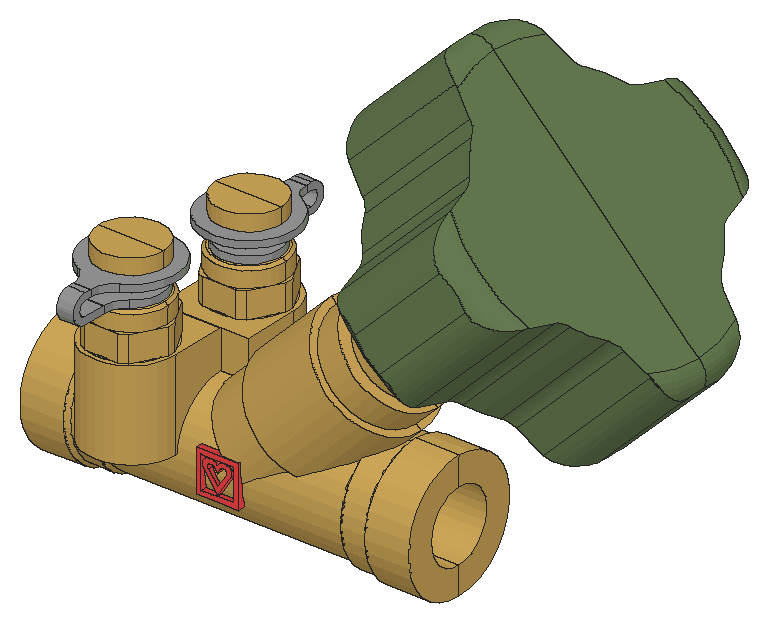
Revit family "Strangregulierventil mit Messblende für Trinkwasseranlagen 4017 MW (LF-MF)", category Rohrzubehör, Revit 2021
Family settings
  Bemaßung runder Anschluss = Durchmesser verwenden
  Teiletyp = Unterbricht
  OmniClass-Nummer = 23.65.55.14
  OmniClass-Titel = Valves for Liquid Services
  Arbeitsebenenbasiert = Nein
  Immer vertikal = Ja
  Beim Laden mit Abzugskörper schneiden = Nein
  Gemeinsam genutzt = Nein
Parameters (values of type "LF")
  kvs-Werte [instance] = if(and(Nennweite = 15.000 mm, LF), 0.46, if(and(Nennweite = 15.000 mm, MF), 0.88, 0))  # 0.46
  kv-Wert der Blende [instance] = if(and(Nennweite = 15.000 mm, LF), 0.48, if(and(Nennweite = 15.000 mm, MF), 0.97, 0))  # 0.48
  W01 = 45.00°  # constant formula
  Vorgabe-Ansicht = 0.000 mm
  URL = "www.herz-armaturen.at"
  SW01 = 60.00°  # constant formula
  SCRNSEQ = "FW;SBT_TYP_FW=\"109\";2"
  SCRNCODE = "04;00;02"  # constant formula
  S03 = 60.000 mm  # constant formula
  S02 [instance] = L04 + L06 + L07  # 76.800 mm
  S01 [instance] = D01 * 2  # 27.000 mm
  R03 = 21.500 mm  # constant formula
  R02 = 9.500 mm  # constant formula
  R01 = 12.000 mm  # constant formula
  O-Ringe = "EPDM"  # constant formula
  Medium = "Trinkwasser"  # constant formula
  MF = no
  LF = yes
  L10 [instance] = 28.500 mm  # constant formula
  L09 [instance] = 22.500 mm  # constant formula
  L08 [instance] = 12.700 mm  # constant formula
  L07 [instance] = 35.100 mm  # constant formula
  L06 [instance] = 6.500 mm  # constant formula
  L05 [instance] = 20.200 mm  # constant formula
  L04 [instance] = 35.200 mm  # constant formula
  L03 [instance] = 1.000 mm  # constant formula
  Hinweis = "Gemäß Art 33 der REACH-Verordnung (EG Nr. 1907/2006) sind wir verpflichtet, darauf hinzuweisen, dass der Stoff Blei auf der SVHC-Liste geführt wird und dass alle aus Messing bestehenden Bauteile, die in unseren Erzeugnissen verarbeitet sind, mehr als 0,1 % (w/w) Blei (CAS: 7439-92-1 / EINECS: 231-100-4) enthalten.\r\nDa Blei als Legierungsbestandteil fest gebunden ist, sind keine Expositionen zu erwarten und daher sind keine zusätzlichen Angaben zur sicheren Verwendung notwendig."
  Handrad = "Kunststoff, grün"  # constant formula
  H03 [instance] = H01 - 19.000 mm  # 1.000 mm
  H02 = 13.000 mm  # constant formula
  Gehäuse = "entzinkungsbeständiges Messing (DZR)"  # constant formula
  E01 [instance] = L00 / -2  # -41.500 mm
  E00 = 0.000 mm  # constant formula
  D09 [instance] = 11.750 mm  # constant formula
  D08 [instance] = 9.500 mm  # constant formula
  D07 [instance] = 12.000 mm  # constant formula
  D06 [instance] = 13.500 mm  # constant formula
  D05 [instance] = 12.500 mm  # constant formula
  D04 [instance] = Nennweite / 2  # 7.500 mm
  IG [instance] = Nennweite / 2  # 7.500 mm
  D03 [instance] = 11.900 mm  # constant formula
  D02 [instance] = 12.700 mm  # constant formula
  D01 [instance] = 13.500 mm  # constant formula
  Nennweite [instance] = 15.000 mm  # constant formula
  Max. Differenzdruck bei geschlossenen Sitz = 1000000.0 Pa  # constant formula
  Max. Betriebstemperatur bei 10 bar = 85 °C  # constant formula
  Max. Betriebsdruck bei 20°C = 2000000.0 Pa  # constant formula
  L02 [instance] = 5.000 mm  # constant formula
  L01 [instance] = 9.250 mm  # constant formula
  L00 [instance] = 83.000 mm  # constant formula
  Hersteller = "HERZ Armaturen Ges.m.b.H."  # constant formula
  H01 [instance] = 20.000 mm  # constant formula
  GT [instance] = 13.200 mm  # constant formula
  DN15 [instance] = Nennweite = 15.000 mm  # yes
  Bestellnummer [instance] = if(and(Nennweite = 15.000 mm, LF), 2401700, if(and(Nennweite = 15.000 mm, MF), 2401709, 0))  # 2401700
  Ausführung = "Nach Norm BS 7350 PN20 Serie B\r\nSchrägsitzregulierventil aus Kupferlegierung.\r\nAlle wasserberührten Metallteile sind aus entzinkungsbeständiger Kupferlegierung hergestellt.\r\nDie Oberteile sind mit nichtsteigender Spindel ausgestattet."
  Anwendungsgebiet = "Zum Absperren und Regulieren von Trinkwasseranlagen in Gebäuden bzw. zum hydraulischen Abgleich von Versorgungsleitungen."
Types (3, lengths in mm): name | kvs-Werte | kv-Wert der Blende | MF | LF | Bestellnummer
  (no name) | 0.46 | 0.48 | no | yes | 2401700
  LF | 0.46 | 0.48 | no | yes | 2401700
  MF | 0.88 | 0.97 | yes | no | 2401709
Reference planes
  plane 1 "Mitte (Vorne/hinten)": y = 0
  plane 2: z = 0
  plane 3 "Mitte (Links/rechts)": x = 0
Forms (mm)
  Revolve 1, solid, material "Messing, weicher Gelbton, geschweißt", detail levels fine
    sketch origin (470, 0, 0) x (1, 0, 0) y (0, 0, 1)
      loop
        line (-511.5, 7.5) -> (-498.3, 7.5) -> (-498.3, 0) -> (-441.7, 0) -> (-441.7, 7.5) -> (-428.5, 7.5) -> (-428.5, 13.5) -> (-437.75, 13.5) -> (-438.55, 12.7) -> (-443.55, 12.7) -> (-444.35, 11.9) -> (-495.65, 11.9) -> (-496.45, 12.7) -> (-501.45, 12.7) -> (-502.25, 13.5) -> (-511.5, 13.5) -> (-511.5, 7.5)
      axis (-511.5, 0) -> (-428.5, 0)
    angle from 0 to 360
  Revolve 2, solid, material "Messing, weicher Gelbton, geschweißt", detail levels fine
    sketch origin (0.32, 0, -0.105) x (1, 0, 0) y (0, 0, 1)
      loop
        line (-1.32, 0.105) -> (52.986, 54.411) -> (44.677, 62.719) -> (35.697, 53.739) -> (37.288, 52.148) -> (21.449, 36.309) -> (19.681, 38.076) -> (15.085, 33.48) -> (14.024, 34.541) -> (-0.259, 20.257) -> (0.448, 19.55) -> (-7.098, 12.005) -> (-6.623, 5.408) -> (-1.32, 0.105)
      axis (-1.32, 0.105) -> (52.986, 54.411)
    angle from 0 to 360
  Extrusion 3, solid, material "Messing, weicher Gelbton, geschweißt", detail levels fine
    sketch origin (0, 0, 0) x (1, 0, 0) y (0, 1, 0)
      loop
        arc (-28.5, -12) -> (-19, -21.5) -> (-9.5, -12) r 9.5
        line (-9.5, -12) -> (-9.5, 0) -> (-28.5, 0) -> (-28.5, -12)
    from 1 <- "H03" to 20 <- "H01"
  Extrusion 4, solid, material "Messing, weicher Gelbton, geschweißt", detail levels fine
    sketch origin (0, 0, 0) x (1, 0, 0) y (0, 1, 0)
      loop
        line (-22.5, 12) -> (-22.5, 0) -> (-3.5, 0) -> (-3.5, 12)
        arc (-3.5, 12) -> (-13, 21.5) -> (-22.5, 12) r 9.5
    from 0 to 20 <- "H01"
Lines and regions (mm)
  model lines, detail levels coarse+medium
    curve 1: line (-41.5, 0, 13.5) -> (-41.5, 0, -13.5)
    curve 2: line (-41.5, 0, -13.5) -> (41.5, 0, 13.5)
    curve 3: line (41.5, 0, 13.5) -> (41.5, 0, -13.5)
    curve 4: line (41.5, 0, -13.5) -> (-41.5, 0, 13.5)
    curve 5: line (0, 0, 0) -> (38.4, 0, 66.511)
    curve 6: line (12.419, 0, 81.511) -> (64.381, 0, 51.511)
    curve 7: line (-41.5, -13.5, 0) -> (-41.5, 13.5, 0)
    curve 8: line (-41.5, 13.5, 0) -> (41.5, -13.5, 0)
    curve 9: line (41.5, -13.5, 0) -> (41.5, 13.5, 0)
    curve 10: line (41.5, 13.5, 0) -> (-41.5, -13.5, 0)
    curve 11: line (0, 0, 0) -> (38.4, 66.511, 0)
    curve 12: line (12.419, 81.511, 0) -> (64.381, 51.511, 0)
Dimensions and locks
  "L00": Revolve 1 sketch curve to Revolve 1 sketch curve
  equal spacing: Revolve 1 sketch curve, plane 3 "Mitte (Links/rechts)", Revolve 1 sketch curve
  "D01": Revolve 1 sketch curve to Revolve 1 sketch curve  (x2)
  "GT": Revolve 1 sketch curve to Revolve 1 sketch curve  (x2)
  "D06": Revolve 2 sketch curve to Revolve 2 sketch curve
  "D07": Revolve 2 sketch curve to Revolve 2 sketch curve
  "D08": Revolve 2 sketch curve to Revolve 2 sketch curve
  "D09": Revolve 2 sketch curve to Revolve 2 sketch curve
  equal spacing: curve 1, plane 3 "Mitte (Links/rechts)", curve 3
  "L00": curve 1 to curve 3
  equal spacing: curve 4, plane 2, curve 2
  "S01": curve 4 to curve 1
  "S01": curve 3 to curve 4
  equal spacing: curve 3, plane 2, curve 4
  "S02": curve 5 to curve 5
  equal spacing: curve 6, curve 5, curve 6
  "S03": curve 6 to curve 6
  equal spacing: curve 7, plane 3 "Mitte (Links/rechts)", curve 9
  "L00": curve 7 to curve 9
  equal spacing: curve 10, plane 1 "Mitte (Vorne/hinten)", curve 8
  "S01": curve 8 to curve 10
  equal spacing: curve 9, plane 1 "Mitte (Vorne/hinten)", curve 10
  "S01": curve 10 to curve 9
  "S02": curve 11 to curve 11
  equal spacing: curve 12, curve 11, curve 12
  "S03": curve 12 to curve 12
  "L01": Revolve 1 sketch curve to Revolve 1 sketch curve  (x2)
  "D02": Revolve 1 sketch curve to plane 2  (x2)
  "D03": Revolve 1 sketch curve to plane 2
  "IG": Revolve 1 sketch curve to plane 2  (x2)
  "L02": Revolve 1 sketch curve to Revolve 1 sketch curve  (x2)
  "L04": Revolve 2 sketch curve to Revolve 2 sketch curve
  "L05": Revolve 2 sketch curve to Revolve 2 sketch curve
  "D03": Revolve 2 sketch curve to plane 2
  "L06": Revolve 2 sketch curve to Revolve 2 sketch curve
  "L08": Revolve 2 sketch curve to Revolve 2 sketch curve
  "L07": Revolve 2 sketch curve to Revolve 2 sketch curve
  "D04": Revolve 2 sketch curve to Revolve 2 sketch curve
  "D05": Revolve 2 sketch curve to Revolve 2 sketch curve
  "L03": plane 3 "Mitte (Links/rechts)" to Revolve 2 sketch curve  (x2)
  "D03": nested 1 to plane 1 "Mitte (Vorne/hinten)"
  "L09": Revolve 1 to Extrusion 3 sketch curve
  "R01": Extrusion 3 sketch curve to plane 1 "Mitte (Vorne/hinten)"
  "R01": plane 1 "Mitte (Vorne/hinten)" to Extrusion 4 sketch curve
  "L10": Revolve 1 to Extrusion 4 sketch curve
  "H01": nested 3 to plane 2
  "H01": nested 2 to plane 2
  "R01": nested 3 to plane 1 "Mitte (Vorne/hinten)"
  "R01": plane 1 "Mitte (Vorne/hinten)" to nested 2
  "L10": Revolve 1 to nested 2
  "L09": Revolve 1 to nested 3
  "R02": radius of Extrusion 3 sketch curve
  "R02": radius of Extrusion 4 sketch curve
  "W01": angle level to Revolve 2 sketch curve
  "SW01": angle plane 2 to curve 5
  "SW01": angle plane 1 "Mitte (Vorne/hinten)" to curve 11
  "W01": angle Revolve 1 sketch curve to Revolve 1 sketch curve  (x4)
  "W01": angle plane 2 to Revolve 2 sketch curve
  aligned and locked: level to plane 2
Automatic sketch dimensions
  curve 5 to level = 0.000 mm
  plane 1 "Mitte (Vorne/hinten)" to curve 11 = 0.000 mm
  Revolve 1 sketch curve to level = 0.000 mm  (x2)
  Revolve 1 sketch curve to Revolve 1 sketch curve = 791.990 mm
  Revolve 1 sketch curve to Revolve 1 sketch curve = 2278.983 mm
  Revolve 2 sketch curve to level = 0.000 mm  (x2)
  plane 1 "Mitte (Vorne/hinten)" to Extrusion 3 sketch curve = 0.000 mm
  plane 1 "Mitte (Vorne/hinten)" to Extrusion 4 sketch curve = 0.000 mm
Nested families
  nested 1: "Herz-Logo-vorne" at (0, -11.9, 0) x (0, 1, 0) z (0, 0, 1), type "Herz-Logo-vorne", detail levels fine
  nested 2: "Messstutzen_Band_Austritt_senkrecht_(oben)" at (-13, 12, 2.5), type "Messstutzen_Band_Austritt_senkrecht_(oben)"
    with Schutzkappe yes, Nennweite 0.000 mm, Gewicht 0.00 kg, Bestellnummer 0
  nested 3: "Messstutzen_Band_Eintritt_senkrecht_(oben)" at (-19, -12, 2.5) x (-1, 0, 0) z (0, 0, 1), type "Messstutzen_Band_Eintritt_senkrecht_(oben)"
    with Schutzkappe yes, Nennweite 0.000 mm, Gewicht 0.00 kg, Bestellnummer 0
  nested 4: "Strangregulierventil-Handrad (Grün) DN15-DN32" at (53.306, 0, 54.306), visible <- "DN15", type "Strangregulierventil-Handrad (Grün) DN15-DN32"
    with Nennweite 0.000 mm, Gewicht 0.00 kg, Bestellnummer 0
Connectors
  piping at (-28.3, 0, 0), diameter 15, driven by "Nennweite"
    settings: on Revolve 1, index 1, connector inside diameter 609.6 mm, connector length 0.000 mm, flow factor 0, pipe flow 0.0 L/s, pressure drop 0.0 Pa, fitting loss kfactor 0, connector angle 0.00°, fixture units 0, engagement length 0.000 mm, angle of deflection 0.00°, flow configuration 0, flow direction 1, fitting loss method 0, system type 29, joint type 0, gender type 0, connector reference index -1, connector utility 0, adjustable connector no, is connector primary yes, connector description ""
  piping at (28.3, 0, 0), diameter 15, driven by "Nennweite"
    settings: on Revolve 1, index 2, connector inside diameter 609.6 mm, connector length 0.000 mm, flow factor 0, pipe flow 0.0 L/s, pressure drop 0.0 Pa, fitting loss kfactor 0, connector angle 0.00°, fixture units 0, engagement length 0.000 mm, angle of deflection 0.00°, flow configuration 0, flow direction 2, fitting loss method 0, system type 29, joint type 0, gender type 0, connector reference index -1, connector utility 0, adjustable connector no, is connector primary no, connector description ""
Definition of nested family "Herz-Logo-vorne"
  Parameters (values of type "Herz-Logo-vorne")
    Default Elevation = 0.000 mm
  Reference planes
    plane 1 "Mitte (Vorne/hinten)": y = 0
    plane 2: z = 0
    plane 3 "Mitte (Links/rechts)": x = 0
  Forms (mm)
    Extrusion 1, solid
      sketch origin (0.732, -0.018, 0.017) x (0, -1, 0) y (0, 0, 1)
        loop
          line (-0.018, -4.517) -> (4.482, -4.517) -> (4.482, 4.483) -> (-4.518, 4.483) -> (-4.518, -4.517) -> (-0.018, -4.517)
        loop
          line (-0.05, -3.48) -> (3.482, -3.48) -> (3.482, 3.483) -> (-3.518, 3.483) -> (-3.518, -3.48) -> (-0.05, -3.48)
        loop
          arc (-0.018, 2.383) -> (-1.543, 3.287) -> (-3.067, 2.383) r 1.738
          arc (-3.067, 2.383) -> (-3.191, 1.899) -> (-3.067, 1.415) r 1.009
          line (-3.067, 1.415) -> (-0.018, -3.281) -> (3.032, 1.415)
          arc (3.032, 1.415) -> (3.156, 1.899) -> (3.032, 2.383) r 1.009
          arc (3.032, 2.383) -> (1.507, 3.287) -> (-0.018, 2.383) r 1.738
        loop
          arc (1.885, 1.272) -> (2.005, 1.675) -> (1.885, 2.079) r 0.74
          arc (1.885, 2.079) -> (1.265, 2.416) -> (0.644, 2.079) r 0.74
          line (0.644, 2.079) -> (-0.018, 0.97) -> (-0.679, 2.079)
          arc (-0.679, 2.079) -> (-1.3, 2.416) -> (-1.921, 2.079) r 0.74
          arc (-1.921, 2.079) -> (-2.04, 1.675) -> (-1.921, 1.272) r 0.74
          line (-1.921, 1.272) -> (-0.018, -1.658) -> (1.885, 1.272)
      from 0 to 1.5
  Dimensions and locks
    aligned and locked: level to plane 2
Definition of nested family "Messstutzen_Band_Austritt_senkrecht_(oben)"
  Parameters (values of type "Messstutzen_Band_Austritt_senkrecht_(oben)")
    Default Elevation = 0.000 mm
    URL = "www.herz-armaturen.at"
    Schutzkappe [instance] = yes
    Nennweite [instance] = 0.000 mm
    Manufacturer = "Herz Armaturen GmbH"  # constant formula
    Gewicht [instance] = 0.00 kg
    Bestellnummer [instance] = 0
  Reference planes
    plane 1 "Mitte (Vorne/hinten)": y = 0
    plane 2: z = 0
    plane 3 "Mitte (Links/rechts)": x = 0
    plane 4 "Schlaufe 1": z = -27
    plane 5 "Schlaufe 2": z = -31.678
  Forms (mm)
    Revolve 1, solid, detail levels fine
      sketch origin (0, 0, 0) x (1, 0, 0) y (0, 0, 1)
        loop
          line (-7.4, 9) -> (-5.55, 9) -> (-5.55, 6)
          arc (-5.55, 6) -> (-5.626, 5.617) -> (-5.843, 5.293) r 1
          line (-5.843, 5.293) -> (-6.455, 4.681) -> (-6.455, 0.9) -> (-5.555, 0) -> (-2, 0) -> (-2, 17.5) -> (-8.4, 17.5)
          arc (-8.4, 17.5) -> (-7.693, 17.207) -> (-7.4, 16.5) r 1
          line (-7.4, 16.5) -> (-7.4, 9)
        loop
          line (-3.7, 27) -> (-7.3, 27) -> (-7.9, 26.4) -> (-7.9, 23) -> (-2, 23) -> (-2, 35.8) -> (-3.805, 35.8) -> (-4.415, 35.19) -> (-4.415, 30.863) -> (-3.7, 30.45) -> (-3.7, 27)
        axis (0, 0) -> (0, 35.8)
      angle from 0 to 360
    Extrusion 2, solid, detail levels fine
      sketch origin (0, 0, 17.5) x (0, 1, 0) y (-1, 0, 0)
        loop
          arc (-7.07, 5.156) -> (-7.578, 4.375) -> (-8, 3.544) r 8.75
          line (-8, 3.544) -> (-8, -3.544)
          arc (-8, -3.544) -> (-7.578, -4.375) -> (-7.07, -5.156) r 8.75
          line (-7.07, -5.156) -> (-0.93, -8.7)
          arc (-0.93, -8.7) -> (0, -8.75) -> (0.93, -8.7) r 8.75
          line (0.93, -8.7) -> (7.07, -5.156)
          arc (7.07, -5.156) -> (7.578, -4.375) -> (8, -3.544) r 8.75
          line (8, -3.544) -> (8, 3.544)
          arc (8, 3.544) -> (7.578, 4.375) -> (7.07, 5.156) r 8.75
          line (7.07, 5.156) -> (0.93, 8.7)
          arc (0.93, 8.7) -> (0, 8.75) -> (-0.93, 8.7) r 8.75
          line (-0.93, 8.7) -> (-7.07, 5.156)
      from 0 to 5.5
    Revolve 3, solid, visible <- "Schutzkappe", detail levels fine
      sketch origin (0, 0, 0) x (1, 0, 0) y (0, 0, 1)
        loop
          line (0, 35.878) -> (0, 36.678) -> (-7, 36.678) -> (-7, 33.378) -> (-6.1, 33.378) -> (-6.1, 31.678) -> (-6.9, 31.678) -> (-6.9, 30.178) -> (-4.415, 30.178) -> (-4.415, 35.268) -> (-3.805, 35.878) -> (0, 35.878)
        axis (0, 30.178) -> (0, 36.678)
      angle from 0 to 360
    Extrusion 4, solid, detail levels fine
      sketch origin (0, 0, 28.5) x (1, 0, 0) y (0, 1, 0)
        loop
          circle (0, 0) r 3.7
        loop
          arc (-3.906, 5.505) -> (0, -6.75) -> (3.906, 5.505) r 6.75
          arc (3.906, 5.505) -> (2.358, 7.288) -> (1.8, 9.582) r 5
          line (1.8, 9.582) -> (-1.8, 9.582)
          arc (-1.8, 9.582) -> (-2.358, 7.288) -> (-3.906, 5.505) r 5
      from 0 to -1.5
    Extrusion 5, solid, detail levels fine
      sketch origin (0, 0, 33.178) x (1, 0, 0) y (0, 1, 0)
        loop
          circle (0, 0) r 6.1
        loop
          arc (-4.495, 8.652) -> (0, -9.75) -> (4.495, 8.652) r 9.75
          arc (4.495, 8.652) -> (2.527, 10.493) -> (1.8, 13.089) r 5
          line (1.8, 13.089) -> (-1.8, 13.089)
          arc (-1.8, 13.089) -> (-2.527, 10.493) -> (-4.495, 8.652) r 5
      from 0 to -1.5
    Sweep 6, solid, detail levels fine
      path origin (0, 0, 0) x (0, 0, -1) y (0, -1, 0)
        loop
          line (-27.75, -9.582) -> (-27.75, -14.522)
          arc (-27.75, -14.522) -> (-30.089, -16.862) -> (-32.428, -14.522) r 2.339
          line (-32.428, -14.522) -> (-32.428, -13.089)
      profile origin (0, 12.052, 27.75) x (0, 0, 1) y (1, 0, 0)
        loop
          line (-0.75, -1.8) -> (0.75, -1.8) -> (0.75, 1.8) -> (-0.75, 1.8) -> (-0.75, -1.8)
  Dimensions and locks
    aligned and locked: level to plane 2
Definition of nested family "Messstutzen_Band_Eintritt_senkrecht_(oben)"
  Parameters (values of type "Messstutzen_Band_Eintritt_senkrecht_(oben)")
    Default Elevation = 0.000 mm
    URL = "www.herz-armaturen.at"
    Schutzkappe [instance] = yes
    Nennweite [instance] = 0.000 mm
    Manufacturer = "Herz Armaturen GmbH"  # constant formula
    Gewicht [instance] = 0.00 kg
    Bestellnummer [instance] = 0
  Reference planes
    plane 1 "Mitte (Vorne/hinten)": y = 0
    plane 2: z = 0
    plane 3 "Mitte (Links/rechts)": x = 0
    plane 4 "Schlaufe 1": z = -27
    plane 5 "Schlaufe 2": z = -31.678
  Forms (mm)
    Revolve 1, solid, detail levels fine
      sketch origin (0, 0, 0) x (1, 0, 0) y (0, 0, 1)
        loop
          line (-7.4, 9) -> (-5.55, 9) -> (-5.55, 6)
          arc (-5.55, 6) -> (-5.626, 5.617) -> (-5.843, 5.293) r 1
          line (-5.843, 5.293) -> (-6.455, 4.681) -> (-6.455, 0.9) -> (-5.555, 0) -> (-2, 0) -> (-2, 17.5) -> (-8.4, 17.5)
          arc (-8.4, 17.5) -> (-7.693, 17.207) -> (-7.4, 16.5) r 1
          line (-7.4, 16.5) -> (-7.4, 9)
        loop
          line (-3.7, 27) -> (-7.3, 27) -> (-7.9, 26.4) -> (-7.9, 23) -> (-2, 23) -> (-2, 35.8) -> (-3.805, 35.8) -> (-4.415, 35.19) -> (-4.415, 30.863) -> (-3.7, 30.45) -> (-3.7, 27)
        axis (0, 0) -> (0, 35.8)
      angle from 0 to 360
    Extrusion 2, solid, detail levels fine
      sketch origin (0, 0, 17.5) x (0, 1, 0) y (-1, 0, 0)
        loop
          arc (-7.07, 5.156) -> (-7.578, 4.375) -> (-8, 3.544) r 8.75
          line (-8, 3.544) -> (-8, -3.544)
          arc (-8, -3.544) -> (-7.578, -4.375) -> (-7.07, -5.156) r 8.75
          line (-7.07, -5.156) -> (-0.93, -8.7)
          arc (-0.93, -8.7) -> (0, -8.75) -> (0.93, -8.7) r 8.75
          line (0.93, -8.7) -> (7.07, -5.156)
          arc (7.07, -5.156) -> (7.578, -4.375) -> (8, -3.544) r 8.75
          line (8, -3.544) -> (8, 3.544)
          arc (8, 3.544) -> (7.578, 4.375) -> (7.07, 5.156) r 8.75
          line (7.07, 5.156) -> (0.93, 8.7)
          arc (0.93, 8.7) -> (0, 8.75) -> (-0.93, 8.7) r 8.75
          line (-0.93, 8.7) -> (-7.07, 5.156)
      from 0 to 5.5
    Revolve 3, solid, visible <- "Schutzkappe", detail levels fine
      sketch origin (0, 0, 0) x (1, 0, 0) y (0, 0, 1)
        loop
          line (0, 35.878) -> (0, 36.678) -> (-7, 36.678) -> (-7, 33.378) -> (-6.1, 33.378) -> (-6.1, 31.678) -> (-6.9, 31.678) -> (-6.9, 30.178) -> (-4.415, 30.178) -> (-4.415, 35.268) -> (-3.805, 35.878) -> (0, 35.878)
        axis (0, 30.178) -> (0, 36.678)
      angle from 0 to 360
    Extrusion 4, solid, detail levels fine
      sketch origin (0, 0, 28.5) x (1, 0, 0) y (0, 1, 0)
        loop
          circle (0, 0) r 3.7
        loop
          arc (-3.906, 5.505) -> (0, -6.75) -> (3.906, 5.505) r 6.75
          arc (3.906, 5.505) -> (2.358, 7.288) -> (1.8, 9.582) r 5
          line (1.8, 9.582) -> (-1.8, 9.582)
          arc (-1.8, 9.582) -> (-2.358, 7.288) -> (-3.906, 5.505) r 5
      from 0 to -1.5
    Extrusion 5, solid, detail levels fine
      sketch origin (0, 0, 33.178) x (1, 0, 0) y (0, 1, 0)
        loop
          circle (0, 0) r 6.1
        loop
          arc (-4.495, 8.652) -> (0, -9.75) -> (4.495, 8.652) r 9.75
          arc (4.495, 8.652) -> (2.527, 10.493) -> (1.8, 13.089) r 5
          line (1.8, 13.089) -> (-1.8, 13.089)
          arc (-1.8, 13.089) -> (-2.527, 10.493) -> (-4.495, 8.652) r 5
      from 0 to -1.5
    Sweep 6, solid, detail levels fine
      path origin (0, 0, 0) x (0, 0, -1) y (0, -1, 0)
        loop
          line (-27.75, -9.582) -> (-27.75, -14.522)
          arc (-27.75, -14.522) -> (-30.089, -16.862) -> (-32.428, -14.522) r 2.339
          line (-32.428, -14.522) -> (-32.428, -13.089)
      profile origin (0, 12.052, 27.75) x (0, 0, 1) y (1, 0, 0)
        loop
          line (-0.75, -1.8) -> (0.75, -1.8) -> (0.75, 1.8) -> (-0.75, 1.8) -> (-0.75, -1.8)
  Dimensions and locks
    aligned and locked: level to plane 2
Definition of nested family "Strangregulierventil-Handrad (Grün) DN15-DN32"
  Parameters (values of type "Strangregulierventil-Handrad (Grün) DN15-DN32")
    Default Elevation = 0.000 mm
    URL = "www.herz-armaturen.at"
    Nennweite [instance] = 0.000 mm
    Manufacturer = "Herz Armaturen GmbH"  # constant formula
    Gewicht [instance] = 0.00 kg
    Bestellnummer [instance] = 0
  Reference planes
    plane 1 "Mitte (Vorne/hinten)": y = 0
    plane 2: z = 0
    plane 3 "Mitte (Links/rechts)": x = 0
  Forms (mm)
    Revolve 1, solid, detail levels fine
      sketch origin (0, 0, 0) x (0.707107, 0, -0.707107) y (0.707107, 0, 0.707107)
        loop
          line (0, 0) -> (0, 24.95) -> (-30.992, 24.95)
          arc (-30.992, 24.95) -> (-34.37, 23.636) -> (-35.973, 20.386) r 5
          line (-35.973, 20.386) -> (-37, 8.65) -> (-35.986, -2.936)
          arc (-35.986, -2.936) -> (-34.383, -6.186) -> (-31.005, -7.5) r 5
          line (-31.005, -7.5) -> (-15, -7.5) -> (-15, 0) -> (0, 0)
        axis (0, 24.95) -> (0, -7.5)
      angle from 0 to 360
    Extrusion 2, void
      sketch origin (14.354, 0, 14.354) x (0.707107, 0, -0.707107) y (0, 1, 0)
        loop
          line (3.861, 35.5) -> (-3.861, 35.5)
          arc (-3.861, 35.5) -> (-8.731, 33.847) -> (-11.589, 29.571) r 8
          line (-11.589, 29.571) -> (-13.284, 23.245)
          arc (-13.284, 23.245) -> (-13.982, 21.722) -> (-15.144, 20.516) r 5
          arc (-15.144, 20.516) -> (-18.031, 18.031) -> (-20.516, 15.144) r 25.5
          arc (-20.516, 15.144) -> (-21.722, 13.982) -> (-23.245, 13.284) r 5
          line (-23.245, 13.284) -> (-29.571, 11.589)
          arc (-29.571, 11.589) -> (-33.847, 8.731) -> (-35.5, 3.861) r 8
          line (-35.5, 3.861) -> (-35.5, -3.861)
          arc (-35.5, -3.861) -> (-33.847, -8.731) -> (-29.571, -11.589) r 8
          line (-29.571, -11.589) -> (-23.245, -13.284)
          arc (-23.245, -13.284) -> (-21.722, -13.982) -> (-20.516, -15.144) r 5
          arc (-20.516, -15.144) -> (-18.031, -18.031) -> (-15.144, -20.516) r 25.5
          arc (-15.144, -20.516) -> (-13.982, -21.722) -> (-13.284, -23.245) r 5
          line (-13.284, -23.245) -> (-11.589, -29.571)
          arc (-11.589, -29.571) -> (-8.731, -33.847) -> (-3.861, -35.5) r 8
          line (-3.861, -35.5) -> (3.861, -35.5)
          arc (3.861, -35.5) -> (8.731, -33.847) -> (11.589, -29.571) r 8
          line (11.589, -29.571) -> (13.284, -23.245)
          arc (13.284, -23.245) -> (13.982, -21.722) -> (15.144, -20.516) r 5
          arc (15.144, -20.516) -> (18.031, -18.031) -> (20.516, -15.144) r 25.5
          arc (20.516, -15.144) -> (21.722, -13.982) -> (23.245, -13.284) r 5
          line (23.245, -13.284) -> (29.571, -11.589)
          arc (29.571, -11.589) -> (33.847, -8.731) -> (35.5, -3.861) r 8
          line (35.5, -3.861) -> (35.5, 3.861)
          arc (35.5, 3.861) -> (33.847, 8.731) -> (29.571, 11.589) r 8
          line (29.571, 11.589) -> (23.245, 13.284)
          arc (23.245, 13.284) -> (21.722, 13.982) -> (20.516, 15.144) r 5
          arc (20.516, 15.144) -> (18.031, 18.031) -> (15.144, 20.516) r 25.5
          arc (15.144, 20.516) -> (13.982, 21.722) -> (13.284, 23.245) r 5
          line (13.284, 23.245) -> (11.589, 29.571)
          arc (11.589, 29.571) -> (8.731, 33.847) -> (3.861, 35.5) r 8
        loop
          circle (0, 0) r 38
      from -31.266 to 7.923
  Cuts and joins
    Extrusion 2 cuts Revolve 1
  Dimensions and locks
    Revolve 1 sketch curve to Revolve 1 sketch curve = 15.000 mm
    Revolve 1 sketch curve to Revolve 1 sketch curve = 16.150 mm
    Revolve 1 sketch curve to Revolve 1 sketch curve = 16.300 mm
    angle Revolve 1 sketch curve to Revolve 1 sketch curve = 95.00°
    aligned and locked: level to plane 2
